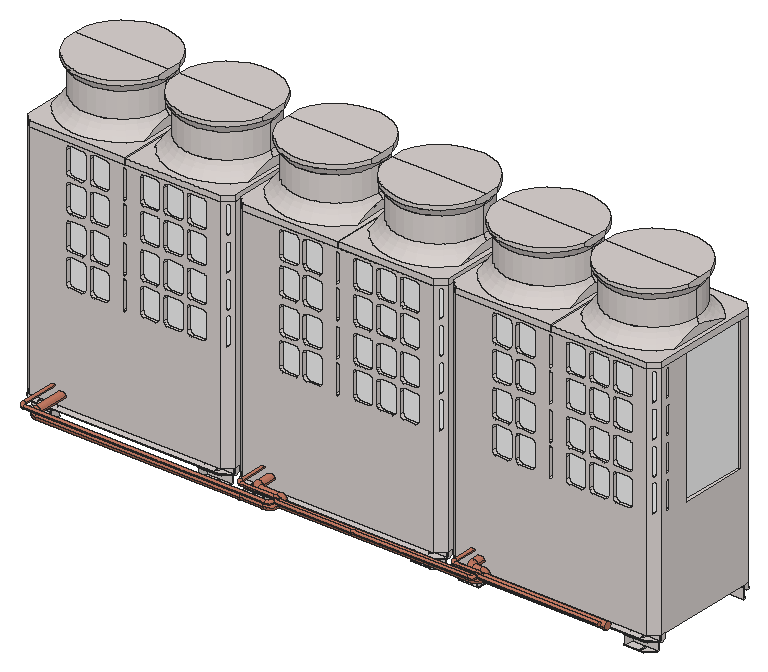
Revit family "PUHY-P1250YSNW-A1", category 機械設備, Revit 2016 (continued)
Definition of nested family "PUHY-P450YNW-A1"
  Lines and regions (mm)
    model lines
      curve 17: arc (-357, -370, 131) -> (-349.929, -370, 133.929) -> (-347, -370, 141) r 10
      curve 18: arc (-347, -370, 205) -> (-349.929, -370, 212.071) -> (-357, -370, 215) r 10
      curve 19: line (-405, -370, 1521) -> (-405, -370, 716)
      curve 20: line (620, -162.3, 1521) -> (620, -162.3, 95)
      curve 21: line (620, 289.2, 1521) -> (620, 289.2, 95)
      curve 22: line (620, -162.3, 705) -> (620, 289.2, 705)
      curve 23: line (620, -162.3, 725) -> (620, 289.2, 725)
      curve 24: line (620, -76.8, 583) -> (620, 203.2, 583)
      curve 25: line (620, 203.2, 563) -> (620, -76.8, 563)
      curve 26: arc (620, -76.8, 583) -> (620, -83.871, 580.071) -> (620, -86.8, 573) r 10
      curve 27: arc (620, -76.8, 563) -> (620, -83.871, 565.929) -> (620, -86.8, 573) r 10
      curve 28: arc (620, 203.2, 583) -> (620, 210.271, 580.071) -> (620, 213.2, 573) r 10
      curve 29: arc (620, 203.2, 563) -> (620, 210.271, 565.929) -> (620, 213.2, 573) r 10
      curve 30: line (620, -76.8, 478) -> (620, 203.2, 478)
      curve 31: line (620, 203.2, 458) -> (620, -76.8, 458)
      curve 32: arc (620, -76.8, 478) -> (620, -83.871, 475.071) -> (620, -86.8, 468) r 10
      curve 33: arc (620, -76.8, 458) -> (620, -83.871, 460.929) -> (620, -86.8, 468) r 10
      curve 34: arc (620, 203.2, 478) -> (620, 210.271, 475.071) -> (620, 213.2, 468) r 10
      curve 35: arc (620, 203.2, 458) -> (620, 210.271, 460.929) -> (620, 213.2, 468) r 10
      curve 36: line (620, -76.8, 373) -> (620, 203.2, 373)
      curve 37: line (620, 203.2, 353) -> (620, -76.8, 353)
      curve 38: arc (620, -76.8, 373) -> (620, -83.871, 370.071) -> (620, -86.8, 363) r 10
      curve 39: arc (620, -76.8, 353) -> (620, -83.871, 355.929) -> (620, -86.8, 363) r 10
      curve 40: arc (620, 203.2, 373) -> (620, 210.271, 370.071) -> (620, 213.2, 363) r 10
      curve 41: arc (620, 203.2, 353) -> (620, 210.271, 355.929) -> (620, 213.2, 363) r 10
      curve 42: line (620, -76.8, 268) -> (620, 203.2, 268)
      curve 43: line (620, 203.2, 248) -> (620, -76.8, 248)
      curve 44: arc (620, -76.8, 268) -> (620, -83.871, 265.071) -> (620, -86.8, 258) r 10
      curve 45: arc (620, -76.8, 248) -> (620, -83.871, 250.929) -> (620, -86.8, 258) r 10
      curve 46: arc (620, 203.2, 268) -> (620, 210.271, 265.071) -> (620, 213.2, 258) r 10
      curve 47: arc (620, 203.2, 248) -> (620, 210.271, 250.929) -> (620, 213.2, 258) r 10
      curve 48: line (-620, -162.3, 1521) -> (-620, -162.3, 95)
      curve 49: line (-620, 235.7, 1521) -> (-620, 235.7, 95)
      curve 50: line (-620, -112.3, 1521) -> (-620, -112.3, 705)
      curve 51: line (-620, 215.7, 1521) -> (-620, 215.7, 705)
      curve 52: line (-620, 235.7, 705) -> (-620, -162.3, 705)
      curve 53: line (-620, 176.7, 268) -> (-620, -103.3, 268)
      curve 54: line (-620, -103.3, 248) -> (-620, 176.7, 248)
      curve 55: arc (-620, 186.7, 258) -> (-620, 183.771, 265.071) -> (-620, 176.7, 268) r 10
      curve 56: arc (-620, 176.7, 248) -> (-620, 183.771, 250.929) -> (-620, 186.7, 258) r 10
      curve 57: arc (-620, -103.3, 268) -> (-620, -110.371, 265.071) -> (-620, -113.3, 258) r 10
      curve 58: arc (-620, -113.3, 258) -> (-620, -110.371, 250.929) -> (-620, -103.3, 248) r 10
      curve 59: line (-620, 176.7, 373) -> (-620, -103.3, 373)
      curve 60: line (-620, -103.3, 353) -> (-620, 176.7, 353)
      curve 61: arc (-620, 186.7, 363) -> (-620, 183.771, 370.071) -> (-620, 176.7, 373) r 10
      curve 62: arc (-620, 176.7, 353) -> (-620, 183.771, 355.929) -> (-620, 186.7, 363) r 10
      curve 63: arc (-620, -103.3, 373) -> (-620, -110.371, 370.071) -> (-620, -113.3, 363) r 10
      curve 64: arc (-620, -113.3, 363) -> (-620, -110.371, 355.929) -> (-620, -103.3, 353) r 10
      curve 65: line (-620, 176.7, 478) -> (-620, -103.3, 478)
      curve 66: line (-620, -103.3, 458) -> (-620, 176.7, 458)
      curve 67: arc (-620, 186.7, 468) -> (-620, 183.771, 475.071) -> (-620, 176.7, 478) r 10
      curve 68: arc (-620, 176.7, 458) -> (-620, 183.771, 460.929) -> (-620, 186.7, 468) r 10
      curve 69: arc (-620, -103.3, 478) -> (-620, -110.371, 475.071) -> (-620, -113.3, 468) r 10
      curve 70: arc (-620, -113.3, 468) -> (-620, -110.371, 460.929) -> (-620, -103.3, 458) r 10
      curve 71: line (-620, 176.7, 583) -> (-620, -103.3, 583)
      curve 72: line (-620, -103.3, 563) -> (-620, 176.7, 563)
      curve 73: arc (-620, 186.7, 573) -> (-620, 183.771, 580.071) -> (-620, 176.7, 583) r 10
      curve 74: arc (-620, 176.7, 563) -> (-620, 183.771, 565.929) -> (-620, 186.7, 573) r 10
      curve 75: arc (-620, -103.3, 583) -> (-620, -110.371, 580.071) -> (-620, -113.3, 573) r 10
      curve 76: arc (-620, -113.3, 573) -> (-620, -110.371, 565.929) -> (-620, -103.3, 563) r 10
      curve 77: line (-544, 370, 1521) -> (-544, 370, 95)
      curve 78: line (489, 370, 649) -> (30, 370, 649)
      curve 79: line (-30.5, 370, 649) -> (-544, 370, 649)
      curve 80: line (-147.25, 370, 584) -> (-427.25, 370, 584)
      curve 81: line (-427.25, 370, 564) -> (-147.25, 370, 564)
      curve 82: arc (-137.25, 370, 574) -> (-140.179, 370, 581.071) -> (-147.25, 370, 584) r 10
      curve 83: arc (-147.25, 370, 564) -> (-140.179, 370, 566.929) -> (-137.25, 370, 574) r 10
      curve 84: arc (-427.25, 370, 584) -> (-434.321, 370, 581.071) -> (-437.25, 370, 574) r 10
      curve 85: arc (-437.25, 370, 574) -> (-434.321, 370, 566.929) -> (-427.25, 370, 564) r 10
      curve 86: circle (448, -185, 1521) r 15 normal (0, 0, 1)
      curve 87: circle (468, -185, 95) r 26 normal (0, 0, 1)
      curve 88: circle (448, -260, 95) r 32.5 normal (0, 0, 1)
      curve 89: circle (404, -204, 95) r 17 normal (0, 0, 1)
      curve 90: line (-550, -370, 1521) -> (-550, -370, 95)
      curve 91: line (-550, -370, 716) -> (-30, -370, 716)
      curve 92: line (550, -370, 95) -> (550, -370, 1521)
      curve 93: line (30, -370, 716) -> (550, -370, 716)
      curve 94: line (-30.5, 370, 1521) -> (-30.5, 370, 95)
      curve 95: line (30, 370, 1521) -> (30, 370, 95)
      curve 96: line (489, 370, 1521) -> (489, 370, 95)
      curve 97: line (467, 370, 669) -> (467, 370, 649)
      curve 98: line (-352, -370, 223) -> (-550, -370, 223)
      curve 99: line (-342, -370, 213) -> (-342, -370, 95)
      curve 100: arc (-342, -370, 213) -> (-344.929, -370, 220.071) -> (-352, -370, 223) r 10
      curve 101: circle (488, -370, 160) r 32.5 normal (0, -1, 0)
      curve 102: circle (488, -370, 160) r 20 normal (0, -1, 0)
      curve 103: circle (364, -370, 150) r 17 normal (0, -1, 0)
      curve 104: circle (413, -370, 185) r 26 normal (0, -1, 0)
      curve 105: circle (413, -370, 185) r 13.5 normal (0, -1, 0)
      curve 106: line (352, -370, 223) -> (550, -370, 223)
      curve 107: line (342, -370, 213) -> (342, -370, 95)
      curve 108: arc (342, -370, 213) -> (344.929, -370, 220.071) -> (352, -370, 223) r 10
      curve 109: line (-147.25, 370, 479) -> (-427.25, 370, 479)
      curve 110: line (-427.25, 370, 459) -> (-147.25, 370, 459)
      curve 111: arc (-137.25, 370, 469) -> (-140.179, 370, 476.071) -> (-147.25, 370, 479) r 10
      curve 112: arc (-147.25, 370, 459) -> (-140.179, 370, 461.929) -> (-137.25, 370, 469) r 10
      curve 113: arc (-427.25, 370, 479) -> (-434.321, 370, 476.071) -> (-437.25, 370, 469) r 10
      curve 114: arc (-437.25, 370, 469) -> (-434.321, 370, 461.929) -> (-427.25, 370, 459) r 10
      curve 115: line (-147.25, 370, 374) -> (-427.25, 370, 374)
      curve 116: line (-427.25, 370, 354) -> (-147.25, 370, 354)
      curve 117: arc (-137.25, 370, 364) -> (-140.179, 370, 371.071) -> (-147.25, 370, 374) r 10
      curve 118: arc (-147.25, 370, 354) -> (-140.179, 370, 356.929) -> (-137.25, 370, 364) r 10
      curve 119: arc (-427.25, 370, 374) -> (-434.321, 370, 371.071) -> (-437.25, 370, 364) r 10
      curve 120: arc (-437.25, 370, 364) -> (-434.321, 370, 356.929) -> (-427.25, 370, 354) r 10
      curve 121: line (-147.25, 370, 269) -> (-427.25, 370, 269)
      curve 122: line (-427.25, 370, 249) -> (-147.25, 370, 249)
      curve 123: arc (-137.25, 370, 259) -> (-140.179, 370, 266.071) -> (-147.25, 370, 269) r 10
      curve 124: arc (-147.25, 370, 249) -> (-140.179, 370, 251.929) -> (-137.25, 370, 259) r 10
      curve 125: arc (-427.25, 370, 269) -> (-434.321, 370, 266.071) -> (-437.25, 370, 259) r 10
      curve 126: arc (-437.25, 370, 259) -> (-434.321, 370, 251.929) -> (-427.25, 370, 249) r 10
      curve 127: line (399.5, 370, 584) -> (119.5, 370, 584)
      curve 128: line (119.5, 370, 564) -> (399.5, 370, 564)
      curve 129: arc (409.5, 370, 574) -> (406.571, 370, 581.071) -> (399.5, 370, 584) r 10
      curve 130: arc (399.5, 370, 564) -> (406.571, 370, 566.929) -> (409.5, 370, 574) r 10
      curve 131: arc (119.5, 370, 584) -> (112.429, 370, 581.071) -> (109.5, 370, 574) r 10
      curve 132: arc (109.5, 370, 574) -> (112.429, 370, 566.929) -> (119.5, 370, 564) r 10
      curve 133: line (399.5, 370, 479) -> (119.5, 370, 479)
      curve 134: line (119.5, 370, 459) -> (399.5, 370, 459)
      curve 135: arc (409.5, 370, 469) -> (406.571, 370, 476.071) -> (399.5, 370, 479) r 10
      curve 136: arc (399.5, 370, 459) -> (406.571, 370, 461.929) -> (409.5, 370, 469) r 10
      curve 137: arc (119.5, 370, 479) -> (112.429, 370, 476.071) -> (109.5, 370, 469) r 10
      curve 138: arc (109.5, 370, 469) -> (112.429, 370, 461.929) -> (119.5, 370, 459) r 10
      curve 139: line (399.5, 370, 374) -> (119.5, 370, 374)
      curve 140: line (119.5, 370, 354) -> (399.5, 370, 354)
      curve 141: arc (409.5, 370, 364) -> (406.571, 370, 371.071) -> (399.5, 370, 374) r 10
      curve 142: arc (399.5, 370, 354) -> (406.571, 370, 356.929) -> (409.5, 370, 364) r 10
      curve 143: arc (119.5, 370, 374) -> (112.429, 370, 371.071) -> (109.5, 370, 364) r 10
      curve 144: arc (109.5, 370, 364) -> (112.429, 370, 356.929) -> (119.5, 370, 354) r 10
      curve 145: line (399.5, 370, 269) -> (119.5, 370, 269)
      curve 146: line (119.5, 370, 249) -> (399.5, 370, 249)
      curve 147: arc (409.5, 370, 259) -> (406.571, 370, 266.071) -> (399.5, 370, 269) r 10
      curve 148: arc (399.5, 370, 249) -> (406.571, 370, 251.929) -> (409.5, 370, 259) r 10
      curve 149: arc (119.5, 370, 269) -> (112.429, 370, 266.071) -> (109.5, 370, 259) r 10
      curve 150: arc (109.5, 370, 259) -> (112.429, 370, 251.929) -> (119.5, 370, 249) r 10
      curve 151: line (399.5, -370, 584) -> (119.5, -370, 584)
      curve 152: line (119.5, -370, 564) -> (399.5, -370, 564)
      curve 153: arc (409.5, -370, 574) -> (406.571, -370, 581.071) -> (399.5, -370, 584) r 10
      curve 154: arc (399.5, -370, 564) -> (406.571, -370, 566.929) -> (409.5, -370, 574) r 10
      curve 155: arc (119.5, -370, 584) -> (112.429, -370, 581.071) -> (109.5, -370, 574) r 10
      curve 156: arc (109.5, -370, 574) -> (112.429, -370, 566.929) -> (119.5, -370, 564) r 10
      curve 157: line (399.5, -370, 479) -> (119.5, -370, 479)
      curve 158: line (119.5, -370, 459) -> (399.5, -370, 459)
      curve 159: arc (409.5, -370, 469) -> (406.571, -370, 476.071) -> (399.5, -370, 479) r 10
      curve 160: arc (399.5, -370, 459) -> (406.571, -370, 461.929) -> (409.5, -370, 469) r 10
      curve 161: arc (119.5, -370, 479) -> (112.429, -370, 476.071) -> (109.5, -370, 469) r 10
      curve 162: arc (109.5, -370, 469) -> (112.429, -370, 461.929) -> (119.5, -370, 459) r 10
      curve 163: line (399.5, -370, 374) -> (119.5, -370, 374)
      curve 164: line (119.5, -370, 354) -> (399.5, -370, 354)
      curve 165: arc (409.5, -370, 364) -> (406.571, -370, 371.071) -> (399.5, -370, 374) r 10
      curve 166: arc (399.5, -370, 354) -> (406.571, -370, 356.929) -> (409.5, -370, 364) r 10
      curve 167: arc (119.5, -370, 374) -> (112.429, -370, 371.071) -> (109.5, -370, 364) r 10
      curve 168: arc (109.5, -370, 364) -> (112.429, -370, 356.929) -> (119.5, -370, 354) r 10
      curve 169: arc (119.5, -370, 269) -> (112.429, -370, 266.071) -> (109.5, -370, 259) r 10
      curve 170: arc (109.5, -370, 259) -> (112.429, -370, 251.929) -> (119.5, -370, 249) r 10
      curve 171: line (-147.25, -370, 584) -> (-427.25, -370, 584)
      curve 172: line (-427.25, -370, 564) -> (-147.25, -370, 564)
      curve 173: arc (-137.25, -370, 574) -> (-140.179, -370, 581.071) -> (-147.25, -370, 584) r 10
      curve 174: arc (-147.25, -370, 564) -> (-140.179, -370, 566.929) -> (-137.25, -370, 574) r 10
      curve 175: arc (-427.25, -370, 584) -> (-434.321, -370, 581.071) -> (-437.25, -370, 574) r 10
      curve 176: arc (-437.25, -370, 574) -> (-434.321, -370, 566.929) -> (-427.25, -370, 564) r 10
      curve 177: line (-147.25, -370, 479) -> (-427.25, -370, 479)
      curve 178: line (-427.25, -370, 459) -> (-147.25, -370, 459)
      curve 179: arc (-137.25, -370, 469) -> (-140.179, -370, 476.071) -> (-147.25, -370, 479) r 10
      curve 180: arc (-147.25, -370, 459) -> (-140.179, -370, 461.929) -> (-137.25, -370, 469) r 10
      curve 181: arc (-427.25, -370, 479) -> (-434.321, -370, 476.071) -> (-437.25, -370, 469) r 10
      curve 182: arc (-437.25, -370, 469) -> (-434.321, -370, 461.929) -> (-427.25, -370, 459) r 10
      curve 183: line (-147.25, -370, 374) -> (-427.25, -370, 374)
      curve 184: line (-427.25, -370, 354) -> (-147.25, -370, 354)
      curve 185: arc (-137.25, -370, 364) -> (-140.179, -370, 371.071) -> (-147.25, -370, 374) r 10
      curve 186: arc (-147.25, -370, 354) -> (-140.179, -370, 356.929) -> (-137.25, -370, 364) r 10
      curve 187: arc (-427.25, -370, 374) -> (-434.321, -370, 371.071) -> (-437.25, -370, 364) r 10
      curve 188: arc (-437.25, -370, 364) -> (-434.321, -370, 356.929) -> (-427.25, -370, 354) r 10
      curve 189: line (-147.25, -370, 269) -> (-262.25, -370, 269)
      curve 190: line (-262.25, -370, 249) -> (-147.25, -370, 249)
      curve 191: arc (-137.25, -370, 259) -> (-140.179, -370, 266.071) -> (-147.25, -370, 269) r 10
      curve 192: arc (-147.25, -370, 249) -> (-140.179, -370, 251.929) -> (-137.25, -370, 259) r 10
      curve 193: arc (-262.25, -370, 269) -> (-269.321, -370, 266.071) -> (-272.25, -370, 259) r 10
      curve 194: arc (-272.25, -370, 259) -> (-269.321, -370, 251.929) -> (-262.25, -370, 249) r 10
      curve 195: line (234.5, -370, 269) -> (119.5, -370, 269)
      curve 196: line (119.5, -370, 249) -> (234.5, -370, 249)
      curve 197: arc (244.5, -370, 259) -> (241.571, -370, 266.071) -> (234.5, -370, 269) r 10
      curve 198: arc (234.5, -370, 249) -> (241.571, -370, 251.929) -> (244.5, -370, 259) r 10
  Dimensions and locks
    nested 2 to nested 2 = 303.000 mm
    cut or joined group 1 (Extrusion 1, Extrusion 2, Extrusion 3, Extrusion 4, Extrusion 5, Extrusion 6, Extrusion 7, Extrusion 8, Extrusion 9, Extrusion 10, Extrusion 11, Extrusion 12, Extrusion 13, Extrusion 14, Extrusion 15, Extrusion 16, Extrusion 17, Extrusion 18, Extrusion 19, Extrusion 20, Extrusion 21, Extrusion 22, Extrusion 23, Extrusion 24, Extrusion 25, Extrusion 26, Extrusion 27, Extrusion 28, Extrusion 29, Extrusion 30, Extrusion 31, Extrusion 32, Extrusion 33) to cut or joined group 1 = 1240.000 mm
    Extrusion 2 sketch curve to Extrusion 2 sketch curve = 116.800 mm
    Extrusion 2 sketch curve to Extrusion 2 sketch curve = 170.800 mm
    Extrusion 3 sketch curve to Extrusion 3 sketch curve = 116.800 mm
    Extrusion 3 sketch curve to Extrusion 3 sketch curve = 170.800 mm
    Extrusion 4 sketch curve to Extrusion 4 sketch curve = 116.800 mm
    Extrusion 4 sketch curve to Extrusion 4 sketch curve = 170.800 mm
    Extrusion 5 sketch curve to Extrusion 5 sketch curve = 116.800 mm
    Extrusion 5 sketch curve to Extrusion 5 sketch curve = 170.800 mm
    Extrusion 6 sketch curve to Extrusion 6 sketch curve = 116.800 mm
    Extrusion 6 sketch curve to Extrusion 6 sketch curve = 170.800 mm
    Extrusion 7 sketch curve to Extrusion 7 sketch curve = 116.800 mm
    Extrusion 7 sketch curve to Extrusion 7 sketch curve = 170.800 mm
    Extrusion 8 sketch curve to Extrusion 8 sketch curve = 116.800 mm
    Extrusion 8 sketch curve to Extrusion 8 sketch curve = 170.800 mm
    Extrusion 9 sketch curve to Extrusion 9 sketch curve = 116.800 mm
    Extrusion 9 sketch curve to Extrusion 9 sketch curve = 170.800 mm
    cut or joined group 1 to cut or joined group 1 = 50.000 mm  (x2)
    Extrusion 10 sketch curve to Extrusion 10 sketch curve = 116.800 mm
    Extrusion 10 sketch curve to Extrusion 10 sketch curve = 170.800 mm
    Extrusion 11 sketch curve to Extrusion 11 sketch curve = 116.800 mm
    Extrusion 11 sketch curve to Extrusion 11 sketch curve = 170.800 mm
    Extrusion 12 sketch curve to Extrusion 12 sketch curve = 116.800 mm
    Extrusion 12 sketch curve to Extrusion 12 sketch curve = 170.800 mm
    Extrusion 13 sketch curve to Extrusion 13 sketch curve = 116.800 mm
    Extrusion 13 sketch curve to Extrusion 13 sketch curve = 170.800 mm
    Extrusion 14 sketch curve to Extrusion 14 sketch curve = 116.800 mm
    Extrusion 14 sketch curve to Extrusion 14 sketch curve = 170.800 mm
    Extrusion 15 sketch curve to Extrusion 15 sketch curve = 116.800 mm
    Extrusion 15 sketch curve to Extrusion 15 sketch curve = 170.800 mm
    Extrusion 16 sketch curve to Extrusion 16 sketch curve = 116.800 mm
    Extrusion 16 sketch curve to Extrusion 16 sketch curve = 170.800 mm
    Extrusion 17 sketch curve to Extrusion 17 sketch curve = 116.800 mm
    Extrusion 17 sketch curve to Extrusion 17 sketch curve = 170.800 mm
    Extrusion 18 sketch curve to Extrusion 18 sketch curve = 116.800 mm
    Extrusion 18 sketch curve to Extrusion 18 sketch curve = 170.800 mm
    Extrusion 19 sketch curve to Extrusion 19 sketch curve = 116.800 mm
    Extrusion 19 sketch curve to Extrusion 19 sketch curve = 170.800 mm
    Extrusion 20 sketch curve to Extrusion 20 sketch curve = 116.800 mm
    Extrusion 20 sketch curve to Extrusion 20 sketch curve = 170.800 mm
    Extrusion 21 sketch curve to Extrusion 21 sketch curve = 116.800 mm
    Extrusion 21 sketch curve to Extrusion 21 sketch curve = 170.800 mm
    plane 3 "Center (Left/Right)" to cut or joined group 1 = 620.000 mm
    cut or joined group 1 to plane 3 "Center (Left/Right)" = 620.000 mm
    Extrusion 1 sketch curve to Extrusion 1 sketch curve = 1240.000 mm
    cut or joined group 1 to plane 8 = 185.000 mm
    cut or joined group 1 to plane 7 = 166.000 mm
    cut or joined group 1 to plane 6 = 110.000 mm
    cut or joined group 1 to plane 12 to cut or joined group 1 = 805.000 mm, 621.000 mm
    plane 5 to plane 2 = 1858.000 mm  (x2)
    cut or joined group 1 to plane 19 "132" = 132.000 mm
    cut or joined group 1 to plane 22 = 207.000 mm
    cut or joined group 1 to plane 23 = 256.000 mm
    cut or joined group 1 to plane 6 = 60.000 mm
    cut or joined group 1 to cut or joined group 1 = 42.154 mm
    cut or joined group 1 to cut or joined group 1 = 11.895 mm
    nested 1 to nested 3 to level = 1798.000 mm, 60.000 mm
    nested 1 to nested 1 = 303.000 mm
    nested 1 to nested 3 = 1495.000 mm
    nested 8 to nested 8 to nested 8 to nested 7 to nested 7 to nested 7 = 54.000 mm, 20.000 mm, 592.000 mm, 20.000 mm, 54.000 mm
    nested 3 to nested 3 = 56.000 mm
    plane 11 to plane 31 to plane 32 to cut or joined group 1 = 90.000 mm, 1060.000 mm, 90.000 mm
    curve 103 to nested 7 = 90.000 mm
    curve 104 to nested 7 = 125.000 mm
    curve 101 to nested 7 = 100.000 mm
    curve 11 to curve 13 to nested 7 = 84.000 mm, 71.000 mm
    cut or joined group 1 to curve 12 to curve 14 = 125.000 mm, 148.000 mm
    nested 2 to nested 7 = 1495.000 mm
    curve 87 to cut or joined group 1 = 152.000 mm
    curve 88 to cut or joined group 1 = 172.000 mm
    curve 89 to cut or joined group 1 = 216.000 mm
    cut or joined group 1 to curve 4 to curve 2 = 128.000 mm, 150.000 mm
    cut or joined group 1 to curve 1 to curve 3 = 79.000 mm, 94.000 mm
    Extrusion 32 sketch curve to nested 7 = 116.000 mm
    cut or joined group 1 to Extrusion 32 sketch curve = 160.000 mm
    cut or joined group 1 to Extrusion 33 sketch curve = 243.000 mm
    Extrusion 33 sketch curve to nested 7 = 116.000 mm
    aligned and locked: level to plane 2
    aligned and locked: Extrusion 1 to plane 4
  Nested families
    nested 1: "FAN GUARD" at (-311.5, 2, 860), type "FAN GUARD"
      with WIDTH 870.000 mm
    nested 2: "FAN GUARD" at (311.5, 2, 860) x (-1, 0, 0) z (0, 0, 1), type "FAN GUARD"
      with WIDTH 870.000 mm
    nested 3: "ATTACHMENT LEG" at (-524, -349, 0), type "ATTACHMENT LEG"
    nested 4: "ATTACHMENT LEG" at (-524, 349, 0), type "ATTACHMENT LEG"
    nested 5: "ATTACHMENT LEG" at (524, -349, 0) x (-1, 0, 0) z (0, 0, 1), type "ATTACHMENT LEG"
    nested 6: "ATTACHMENT LEG" at (524, 349, 0) x (-1, 0, 0) z (0, 0, 1), type "ATTACHMENT LEG"
    nested 7: "BASE LEG_L_" at (0, -352, 60), type "BASE LEG_L_"
      with Width 1240.000 mm
    nested 8: "BASE LEG_L_" at (0, 352, 60), type "BASE LEG_L_"
      with Width 1240.000 mm
  Connectors
    piping at (-460, -191, 176), diameter 25.4, driven by "Liquid pipe_radius"
      settings: on cut or joined group 1, index 3, connector inside diameter 25.4 mm, connector length 0.000 mm, flow factor 0, pipe flow 0.0 L/s, pressure drop 0.0 Pa, fitting loss kfactor 0, connector angle 0.00°, fixture units 0, engagement length 0.000 mm, angle of deflection 0.00°, flow configuration 0, flow direction 0, fitting loss method 0, system type 22, joint type 0, gender type 0, connector reference index -1, connector utility 0, adjustable connector no, is connector primary yes, connector description "Refrigerant service valve<Liquid pipe>"
    piping at (-377, -191, 176), diameter 28.58, driven by "Gas pipe_radius"
      settings: on cut or joined group 1, index 4, connector inside diameter 28.58 mm, connector length 0.000 mm, flow factor 0, pipe flow 0.0 L/s, pressure drop 0.0 Pa, fitting loss kfactor 0, connector angle 0.00°, fixture units 0, engagement length 0.000 mm, angle of deflection 0.00°, flow configuration 0, flow direction 0, fitting loss method 0, system type 22, joint type 0, gender type 0, connector reference index -1, connector utility 0, adjustable connector no, is connector primary no, connector description "Refrigerant service valve<Gas>"
    electrical at (0, -370, 808)
      settings: on cut or joined group 1, index 5, voltage 0 V, apparent load 0 VA, apparent load phase1 0 VA, apparent load phase2 0 VA, apparent load phase3 0 VA, power factor 1, load classification none, number of poles 1, system type 30, power factor state 1, is connector primary yes, connector utility no, sub classification motor no, connector description ""
  Definition of nested family "FAN GUARD"
    Parameters
      WIDTH [instance] = 870.000 mm
    Reference planes
      plane 1 "中心(正面/背面)": y = -2
      plane 2: z = 0
      plane 3 "ファンガード基準面": z = 661
      plane 4: y = 368
      plane 5: x = 366
      plane 6: x = -375
      plane 7 "ファンガード基準上面": z = 695
      plane 8 "ファンガード上面": z = 998
      plane 9: x = -273.971
      plane 10: x = 308.5
      plane 11: x = -308.5
      plane 12: x = 0
    Forms (mm)
      Extrusion 1, solid
        sketch origin (85, 0, 661) x (-1, 0, 0) y (0, -1, 0)
          loop
            line (343.5, -368) -> (393.5, -318) -> (393.5, 322) -> (343.5, 372) -> (-223.5, 372) -> (-223.5, -368) -> (343.5, -368)
        from 0 to 34
      Revolve 2, solid
        sketch origin (0, -2, 0) x (1, 0, 0) y (0, 0, 1)
          loop
            line (0, 695) -> (0, 998) -> (-290, 998) -> (-290, 972.327) -> (-260, 928.372) -> (-260, 777.384)
            arc (-260, 777.384) -> (-290.651, 730.137) -> (-334.665, 695) r 175.882
            line (-334.665, 695) -> (0, 695)
          axis (0, 998) -> (0, 695)
        angle from 0 to 360
      Extrusion 3, void
        sketch origin (-840, 75, 695) x (-1, 0, 0) y (0, -1, 0)
          loop
            line (-410, -165) -> (-410, 315) -> (-561.253, 315) -> (-561.253, -165) -> (-410, -165)
        from -35 to 430.592
      Extrusion 4, void
        sketch origin (840, 75, 695) x (1, 0, 0) y (0, 1, 0)
          loop
            line (-410, 165) -> (-561.253, 165) -> (-561.253, -315) -> (-410, -315) -> (-410, 165)
        from 0 to 430.592
    Cuts and joins
      Extrusion 3, Extrusion 4 cuts Revolve 2
      Extrusion 4 cuts Extrusion 1
    Lines and regions (mm)
      model lines
        curve 1: line (-278.747, 0, 998) -> (-80, 0, 998)
        curve 2: line (80, 0, 998) -> (278.747, 0, 998)
        curve 3: circle (0, 0, 998) r 80 normal (0, 0, 1)
        curve 4: line (-278.747, -80, 998) -> (278.747, -80, 998)
        curve 5: line (-241.868, -160, 998) -> (241.868, -160, 998)
        curve 6: line (-162.788, -240, 998) -> (162.788, -240, 998)
        curve 7: line (-278.747, 80, 998) -> (278.747, 80, 998)
        curve 8: line (-241.868, 160, 998) -> (240, 160, 998)
        curve 9: line (-160, 240, 998) -> (162.788, 240, 998)
        curve 10: line (0, 290, 998) -> (0, -290, 998)
        curve 11: line (-20, 289.31, 998) -> (-20, -289.31, 998)
        curve 12: line (-40, 287.228, 998) -> (-40, -287.228, 998)
        curve 13: line (-60, 283.725, 998) -> (-60, -283.725, 998)
        curve 14: line (-80, 278.747, 998) -> (-80, -278.747, 998)
        curve 15: line (20, 289.31, 998) -> (20, -289.31, 998)
        curve 16: line (40, 287.228, 998) -> (40, -287.228, 998)
        curve 17: line (60, 283.725, 998) -> (60, -283.725, 998)
        curve 18: line (80, 278.747, 998) -> (80, -278.747, 998)
        curve 19: line (100, 272.213, 998) -> (100, -272.213, 998)
        curve 20: line (120, 264.008, 998) -> (120, -264.008, 998)
        curve 21: line (140, 253.969, 998) -> (140, -253.969, 998)
        curve 22: line (160, 241.868, 998) -> (160, -243.132, 998)
        curve 23: line (180, 227.376, 998) -> (180, -227.624, 998)
        curve 24: line (200, 210, 998) -> (200, -210, 998)
        curve 25: line (220, 188.944, 998) -> (220, -188.944, 998)
        curve 26: line (240, 160, 998) -> (240, -162.788, 998)
        curve 27: line (260, 128.452, 998) -> (260, -128.452, 998)
        curve 28: line (-100, 272.213, 998) -> (-100, -272.213, 998)
        curve 29: line (-120, 264.008, 998) -> (-120, -264.008, 998)
        curve 30: line (-140, 253.969, 998) -> (-140, -253.969, 998)
        curve 31: line (-160, 240, 998) -> (-160, -241.868, 998)
        curve 32: line (-180, 227.376, 998) -> (-180, -227.376, 998)
        curve 33: line (-200, 210, 998) -> (-200, -210, 998)
        curve 34: line (-220, 188.944, 998) -> (-220, -188.944, 998)
        curve 35: line (-240, 162.788, 998) -> (-240, -162.788, 998)
        curve 36: line (-260, 128.452, 998) -> (-260, -128.452, 998)
        curve 37: line (10, 79.373, 998) -> (10, -79.373, 998)
        curve 38: line (-10, 79.373, 998) -> (-10, -79.373, 998)
        curve 39: line (30, 74.162, 998) -> (30, -74.162, 998)
        curve 40: line (50, 62.45, 998) -> (50, -62.45, 998)
        curve 41: line (70, 38.73, 998) -> (70, -38.73, 998)
        curve 42: line (-30, 74.162, 998) -> (-30, -74.162, 998)
        curve 43: line (-50, 62.45, 998) -> (-50, -62.45, 998)
        curve 44: line (-70, 38.73, 998) -> (-70, -38.73, 998)
    Dimensions and locks
      locked: plane 8 "ファンガード上面" to plane 7 "ファンガード基準上面" at 303
      plane 8 "ファンガード上面" to plane 3 "ファンガード基準面" = 337.000 mm
      Revolve 2 sketch curve to Revolve 2 sketch curve = 290.000 mm
      Extrusion 1 sketch curve to Extrusion 1 sketch curve = 740.000 mm
      equal spacing: Extrusion 1 sketch curve, plane 1 "中心(正面/背面)", Extrusion 1 sketch curve
      plane 6 to plane 5 = 741.000 mm
      Extrusion 1 sketch curve to Extrusion 1 sketch curve = 617.000 mm
      plane 11 to plane 10 = 617.000 mm
      cut or joined group of Extrusion 1, Extrusion 4 to cut or joined group of Extrusion 1, Extrusion 4 = 617.000 mm
      cut or joined group of Extrusion 1, Extrusion 4 to cut or joined group of Extrusion 1, Extrusion 4 = 740.000 mm
      aligned and locked: level to plane 2
      aligned and locked: plane 7 "ファンガード基準上面" to Extrusion 1
      aligned and locked: plane 3 "ファンガード基準面" to Extrusion 1
      aligned and locked: cut or joined group of Revolve 2, Extrusion 3, Extrusion 4 to plane 8 "ファンガード上面"
  Definition of nested family "ATTACHMENT LEG"
    Parameters
      Width = 145.000 mm
    Reference planes
      plane 1: z = 0
      plane 2 "中心(左/右)": x = -6
      plane 3: x = -52
      plane 4: x = 85
      plane 5: x = 93
      plane 6: y = -21
      plane 7: y = 27
      plane 8: x = -30
      plane 9: y = 39
      plane 10: z = 60
      plane 11: z = 57
      plane 12: z = 3
      plane 13: x = 82
      plane 14: y = 36
      plane 15: x = -75
      plane 16: y = 31
      plane 17 "幅": x = 93
      plane 18: y = 2.5
      plane 19: y = 21
      plane 20: y = -10
    Forms (mm)
      Extrusion 1, solid
        sketch origin (0, -1, 0) x (1, 0, 0) y (0, 1, 0)
          loop
            line (-75, 36) -> (-75, 27) -> (-28, -20) -> (93, -20) -> (93, 32) -> (85, 32) -> (85, 36) -> (-75, 36)
        from 0 to 60
      Extrusion 2, void
        sketch origin (0, -3, 0) x (1, 0, 0) y (0, 0, 1)
          loop
            line (-75, 57) -> (-75, 3) -> (82, 3) -> (82, 57) -> (-75, 57)
          loop
            line (93, 57) -> (85, 57) -> (85, 3) -> (93, 3) -> (93, 57)
        from -35 to 18
      Extrusion 3, void
        sketch origin (-6, 5.5, 0) x (1, 0, 0) y (0, 1, 0)
          loop
            arc (-7, -8.5) -> (0, -15.5) -> (7, -8.5) r 7
            line (7, -8.5) -> (7, 8.5)
            arc (7, 8.5) -> (0, 15.5) -> (-7, 8.5) r 7
            line (-7, 8.5) -> (-7, -8.5)
        from 0 to 60
    Cuts and joins
      Extrusion 2, Extrusion 3 cuts Extrusion 1
    Dimensions and locks
      locked: plane 3 to plane 4 at 137
      locked: plane 3 to plane 5 at 145
      plane 6 to plane 7 = 48.000 mm
      locked: plane 10 to level at 60
      Extrusion 3 sketch curve to plane 2 "中心(左/右)" = 7.000 mm
      locked: plane 15 to plane 2 "中心(左/右)" at 69
      locked: plane 15 to plane 8 at 45
      locked: plane 6 to plane 18 at 23.5
      cut or joined group of Extrusion 1, Extrusion 2, Extrusion 3 to cut or joined group of Extrusion 1, Extrusion 2, Extrusion 3 = 168.000 mm
      cut or joined group of Extrusion 1, Extrusion 2, Extrusion 3 to cut or joined group of Extrusion 1, Extrusion 2, Extrusion 3 = 56.000 mm  (x2)
      plane 14 to plane 6 = 57.000 mm
      aligned and locked: level to plane 1
      aligned and locked: Extrusion 1 sketch curve to plane 4
      aligned and locked: Extrusion 1 sketch curve to plane 5
      aligned: plane 8 to Extrusion 1 sketch curve
      aligned and locked: plane 10 to Extrusion 1
      aligned and locked: Extrusion 2 sketch curve to plane 11
      aligned: plane 3 to Extrusion 2 sketch curve
      aligned and locked: plane 12 to Extrusion 2 sketch curve
      aligned and locked: Extrusion 2 sketch curve to plane 13
      aligned and locked: plane 6 to Extrusion 2
      aligned and locked: plane 11 to Extrusion 2 sketch curve
      aligned and locked: plane 5 to Extrusion 2 sketch curve
      aligned and locked: Extrusion 2 sketch curve to plane 12
      aligned and locked: Extrusion 2 sketch curve to plane 4
      aligned and locked: plane 15 to Extrusion 1 sketch curve
      aligned and locked: Extrusion 2 sketch curve to cut or joined group of Extrusion 1, Extrusion 2, Extrusion 3
      aligned and locked: Extrusion 1 to plane 16
  Definition of nested family "BASE LEG_L_"
    Parameters
      Width [instance] = 1240.000 mm
    Reference planes
      plane 1 "中心(正面/背面)": y = 0
      plane 2: z = 0
      plane 3 "中心(左/右)": x = 0
      plane 4: x = 620
      plane 5: x = -620
      plane 6: x = -530
      plane 7: x = 530
      plane 8: y = -18
      plane 9: y = 39
      plane 10: z = 53
      plane 11: y = 42
      plane 12: y = 27
      plane 13: x = 575
      plane 14: x = -575
      plane 15: z = 8
      plane 16: y = 11.5
      plane 17: z = 35
    Forms (mm)
      Extrusion 1, solid
        sketch origin (0, 0, 0) x (0, 1, 0) y (0, 0, 1)
          loop
            line (-18, 0) -> (36, 0) -> (36, 32) -> (56, 32) -> (56, 35) -> (33, 35) -> (33, 3) -> (-18, 3) -> (-18, 0)
        from -620 to 620
      Extrusion 2, void
        sketch origin (0, 0, 0) x (1, 0, 0) y (0, 1, 0)
          loop
            line (575, -18) -> (620, -18) -> (620, 27) -> (575, -18)
          loop
            line (-575, -18) -> (-620, 27) -> (-620, -18) -> (-575, -18)
        from 0 to 250
      Extrusion 3, void
        sketch origin (0, 12.023, 0) x (1, 0, 0) y (0, 1, 0)
          loop
            arc (523, -2.971) -> (530, -9.971) -> (537, -2.971) r 7
            line (537, -2.971) -> (537, 3.023)
            arc (537, 3.023) -> (530, 10.023) -> (523, 3.023) r 7
            line (523, 3.023) -> (523, -2.971)
          loop
            line (-523, -2.971) -> (-523, 3.023)
            arc (-523, 3.023) -> (-530, 10.023) -> (-537, 3.023) r 7
            line (-537, 3.023) -> (-537, -2.971)
            arc (-537, -2.971) -> (-530, -9.971) -> (-523, -2.971) r 7
        from 0 to 250
      Extrusion 4, solid
        sketch origin (0, 0, -3) x (1, 0, 0) y (0, 0, 1)
          loop
            line (617, 8) -> (620, 8) -> (620, 35) -> (617, 35) -> (617, 8)
          loop
            line (-617, 8) -> (-617, 35) -> (-620, 35) -> (-620, 8) -> (-617, 8)
        from -36 to -56
      Extrusion 5, solid
        sketch origin (150, 352, 0) x (1, 0, 0) y (0, 1, 0)
          loop
            line (460, -319) -> (455, -319) -> (455, -320) -> (405, -370) -> (410, -370) -> (460, -320) -> (460, -319)
        from 3 to 35
      Extrusion 6, void
        sketch origin (560, -18, 0) x (0.707107, 0.707107, 0) y (0, 0, 1)
          loop
            line (70.711, 3) -> (-6.741, 39.767) -> (-6.741, 3) -> (70.711, 3)
        from -190.256 to 23.776
      Extrusion 7, solid
        sketch origin (-150, 352, 0) x (-1, 0, 0) y (0, -1, 0)
          loop
            line (460, 319) -> (460, 320) -> (410, 370) -> (405, 370) -> (455, 320) -> (455, 319) -> (460, 319)
        from 3 to 35
      Extrusion 8, void
        sketch origin (-560, -18, 0) x (0.707107, -0.707107, 0) y (0, 0, -1)
          loop
            line (-70.711, -3) -> (0, -35) -> (6.741, -35) -> (6.741, -3) -> (-70.711, -3)
        from -190.256 to 23.776
    Cuts and joins
      Extrusion 2, Extrusion 3 cuts Extrusion 1
      joined: Extrusion 1, Extrusion 4
      Extrusion 8 cuts Extrusion 7
      Extrusion 6 cuts Extrusion 5
    Dimensions and locks
      "Width": plane 5 to plane 4
      equal spacing: plane 5, plane 3 "中心(左/右)", plane 4
      locked: plane 5 to plane 6 at 90
      locked: plane 7 to plane 4 at 90
      locked: plane 8 to plane 9 at 57
      locked: plane 10 to level at 53
      locked: plane 9 to plane 11 at 3
      plane 8 to plane 12 = 45.000 mm
      locked: plane 13 to plane 4 at 45
      locked: plane 5 to plane 14 at 45
      equal spacing: Extrusion 3 sketch curve, plane 7, Extrusion 3 sketch curve
      equal spacing: Extrusion 3 sketch curve, plane 6, Extrusion 3 sketch curve
      locked: plane 10 to plane 15 at 45
      locked: cut or joined group of Extrusion 1, Extrusion 2, Extrusion 3, Extrusion 4 to Extrusion 4 sketch curve at 3  (x2)
      locked: plane 8 to plane 16 at 29.5
      plane 8 to plane 11 = 60.000 mm
      cut or joined group of Extrusion 1, Extrusion 2, Extrusion 3, Extrusion 4 to cut or joined group of Extrusion 1, Extrusion 2, Extrusion 3, Extrusion 4 = 35.000 mm
      aligned and locked: level to plane 2
      aligned and locked: plane 8 to Extrusion 1 sketch curve
      aligned and locked: plane 4 to Extrusion 1
      aligned and locked: Extrusion 1 to plane 5
      aligned and locked: Extrusion 2 sketch curve to plane 4
      aligned and locked: Extrusion 2 sketch curve to plane 8
      aligned and locked: plane 12 to Extrusion 2 sketch curve
      aligned and locked: plane 13 to Extrusion 2 sketch curve
      aligned and locked: plane 4 to Extrusion 4 sketch curve
      aligned and locked: plane 5 to Extrusion 4 sketch curve
      aligned and locked: cut or joined group of Extrusion 7, Extrusion 8 to cut or joined group of Extrusion 1, Extrusion 2, Extrusion 3, Extrusion 4
    Automatic sketch dimensions
      Extrusion 3 sketch curve to plane 1 "中心(正面/背面)" = 9.052 mm  (x2)
      Extrusion 3 sketch curve to plane 7 = 7.000 mm
      Extrusion 3 sketch curve to plane 1 "中心(正面/背面)" = 15.046 mm  (x2)
      Extrusion 3 sketch curve to plane 6 = 7.000 mm
      Extrusion 2 sketch curve to plane 5 = 0.000 mm
      plane 8 to Extrusion 2 sketch curve = 0.000 mm
      Extrusion 2 sketch curve to plane 14 = 0.000 mm
      plane 12 to Extrusion 2 sketch curve = 0.000 mm
      Extrusion 4 sketch curve to plane 10 = 21.000 mm
      plane 7 to Extrusion 5 sketch curve = 25.000 mm
      Extrusion 5 sketch curve to Extrusion 5 sketch curve = 5.000 mm  (x2)
      plane 7 to Extrusion 5 sketch curve = 75.000 mm
      plane 8 to Extrusion 5 sketch curve = 0.000 mm
      Extrusion 5 sketch curve to Extrusion 5 sketch curve = 50.000 mm
      Extrusion 5 sketch curve to Extrusion 5 sketch curve = 0.000 mm
      Extrusion 5 sketch curve to Extrusion 5 sketch curve = 1.000 mm
      Extrusion 6 sketch curve to Extrusion 5 = 0.000 mm  (x2)
      Extrusion 6 sketch curve to Extrusion 5 = 6.741 mm
      Extrusion 6 sketch curve to Extrusion 5 = 4.767 mm
      plane 6 to Extrusion 7 sketch curve = 25.000 mm
      Extrusion 7 sketch curve to Extrusion 7 sketch curve = 5.000 mm  (x2)
      Extrusion 7 sketch curve to Extrusion 7 sketch curve = 45.000 mm
      Extrusion 7 sketch curve to plane 8 = 0.000 mm
      Extrusion 7 sketch curve to Extrusion 7 sketch curve = 50.000 mm
      Extrusion 7 sketch curve to Extrusion 7 sketch curve = 0.000 mm
      Extrusion 7 sketch curve to Extrusion 7 sketch curve = 1.000 mm
      Extrusion 8 sketch curve to Extrusion 7 = 0.000 mm  (x2)
      Extrusion 7 to Extrusion 8 sketch curve = 0.000 mm  (x2)
      Extrusion 7 to Extrusion 8 sketch curve = 6.741 mm
      Extrusion 4 sketch curve to plane 17 = 3.000 mm
      Extrusion 4 sketch curve to plane 15 = 3.000 mm  (x2)
      Extrusion 1 sketch curve to plane 17 = 0.000 mm
      Extrusion 1 sketch curve to level = 0.000 mm
      level to Extrusion 1 sketch curve = 3.000 mm
      plane 9 to Extrusion 1 sketch curve = 6.000 mm
      plane 9 to Extrusion 1 sketch curve = 3.000 mm
      Extrusion 1 sketch curve to plane 17 = 3.000 mm
      Extrusion 1 sketch curve to plane 11 = 14.000 mm
Types (6, lengths in mm): name | Voltage | Hertz | Heating Rated Load Ampacity (A) | Heating Current Input (Nominal) (A) | Heating Current Input (A) | Cooling Rated Load Ampacity (A) | Cooling Current Input (A)
  PUHY-P1250YSNW-A1_380V_50Hz | 380 V | 50 Hz | 67.7 | 56.8 | 67.7 | 74.7 | 74.7
  PUHY-P1250YSNW-A1_380V_60Hz | 380 V | 60 Hz | 67.7 | 56.8 | 67.7 | 74.7 | 74.7
  PUHY-P1250YSNW-A1_400V_50Hz | 400 V | 50 Hz | 64.3 | 53.9 | 64.3 | 71 | 71
  PUHY-P1250YSNW-A1_400V_60Hz | 400 V | 60 Hz | 64.3 | 53.9 | 64.3 | 71 | 71
  PUHY-P1250YSNW-A1_415V_50Hz | 415 V | 50 Hz | 62 | 52 | 62 | 68.4 | 68.4
  PUHY-P1250YSNW-A1_415V_60Hz | 415 V | 60 Hz | 62 | 52 | 62 | 68.4 | 68.4
